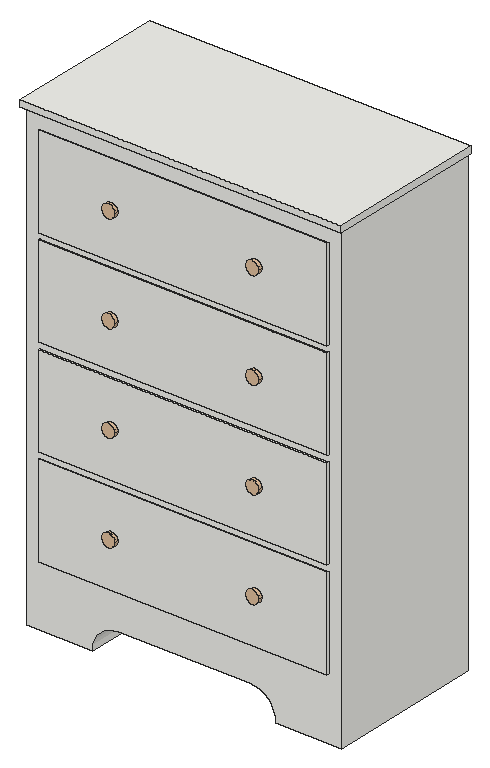
Revit family
Parameters (values of type "1220 x 1830 x 0610mm")
  Keynote = "N"
  Depth = 610.00 mm
  Material Dresser = Laminate - Ivory,Glossy
  Material Drawer = Laminate - Ivory,Matte
  Material Handles = Wood - Cherry
  Height = 1830.00 mm
  Width = 1220.00 mm
  Assembly Code = ""
Types (3, lengths in mm): name | Depth | Height | Width
  1220 x 1830 x 0610mm | 610.00 | 1830.00 | 1220.00
  1220 x 1525 x 0610mm | 610.00 | 1525.00 | 1220.00
  1830 x 1525 x 0457mm | 457.00 | 1525.00 | 1830.00
Reference planes
  plane 1 "Center (Front/Back)": y = -363.163
  plane 2: z = 0
  plane 3 "Center (Left/Right)": x = -269.193
  plane 4 "Back": y = -58.163
  plane 5 "Front": y = -668.163
  plane 6 "Right": x = 340.807
  plane 7 "Left": x = -879.193
  plane 8 "Top": z = 1830
  plane 9: x = -523.593
  plane 10: x = -14.793
  plane 11: z = 1753.8
  plane 12: z = 1372.5
  plane 13: z = 991.2
  plane 14: z = 609.9
  plane 15: z = 228.6
  plane 16: x = -828.393
  plane 17: x = 290.007
  plane 18: y = -674.513
  plane 19: z = 1804.6
  plane 20: x = -548.793
  plane 21: x = 10.407
  plane 22: z = 1563.15
  plane 23: z = 1181.85
  plane 24: z = 800.55
  plane 25: z = 419.25
Forms (mm)
  Extrusion 1, solid, material "Laminate - Ivory,Glossy" <- "Material Dresser"
    sketch origin (0, -668.163, 0) x (1, 0, 0) y (0, 0, 1)
      loop
        line (86.807, 0) -> (340.807, 0) -> (340.807, 1804.6) -> (-879.193, 1804.6) -> (-879.193, 0) -> (-625.193, 0)
        arc (-625.193, 0) -> (-595.435, 71.842) -> (-523.593, 101.6) r 101.6
        line (-523.593, 101.6) -> (-14.793, 101.6)
        arc (-14.793, 101.6) -> (57.049, 71.842) -> (86.807, 0) r 101.6
    from 0 to -610
  Extrusion 2, solid, material "Laminate - Ivory,Matte"
    sketch origin (0, -668.163, 0) x (1, 0, 0) y (0, 0, 1)
      loop
        line (290.007, 1741.1) -> (-828.393, 1741.1) -> (-828.393, 1385.2) -> (290.007, 1385.2) -> (290.007, 1741.1)
      loop
        line (290.007, 1359.8) -> (-828.393, 1359.8) -> (-828.393, 1003.9) -> (290.007, 1003.9) -> (290.007, 1359.8)
      loop
        line (290.007, 978.5) -> (-828.393, 978.5) -> (-828.393, 622.6) -> (290.007, 622.6) -> (290.007, 978.5)
      loop
        line (290.007, 597.2) -> (-828.393, 597.2) -> (-828.393, 241.3) -> (290.007, 241.3) -> (290.007, 597.2)
    from 0 to 6.35
  Extrusion 3, solid, material "Laminate - Ivory,Matte"
    sketch origin (0, 0, 0) x (1, 0, 0) y (0, 1, 0)
      loop
        line (-891.893, -58.163) -> (-891.893, -687.213) -> (353.507, -687.213) -> (353.507, -58.163) -> (-891.893, -58.163)
    from 1804.6 to 1830
  Extrusion 4, solid, material "Wood - Cherry" <- "Material Handles"
    sketch origin (0, -668.163, 0) x (1, 0, 0) y (0, 0, 1)
      loop
        circle (10.407, 1563.15) r 25.4
      loop
        circle (10.407, 1181.85) r 25.4
      loop
        circle (10.407, 800.55) r 25.4
      loop
        circle (10.407, 419.25) r 25.4
      loop
        circle (-548.793, 419.25) r 25.4
      loop
        circle (-548.793, 800.55) r 25.4
      loop
        circle (-548.793, 1181.85) r 25.4
      loop
        circle (-548.793, 1563.15) r 25.4
    from 6.35 to 19.05
Lines and regions (mm)
  Masking region 1
    outline origin (0, 0, 0) x (1, 0, 0) y (0, 1, 0)
      loop
        line (-891.893, -58.163) -> (-891.893, -687.213) -> (353.507, -687.213) -> (353.507, -58.163) -> (-891.893, -58.163)
Dimensions and locks
  equal spacing: plane 7 "Left", plane 3 "Center (Left/Right)", plane 6 "Right"
  equal spacing: plane 5 "Front", plane 1 "Center (Front/Back)", plane 4 "Back"
  "Width": plane 7 "Left" to plane 6 "Right"
  "Depth": plane 5 "Front" to plane 4 "Back"
  "Height": plane 8 "Top" to plane 2
  locked: plane 7 "Left" to plane 9 at 355.6
  locked: plane 6 "Right" to plane 10 at 355.6
  locked: plane 8 "Top" to plane 11 at 76.2
  locked: plane 15 to plane 2 at 228.6
  equal spacing: plane 11, plane 12, plane 13, plane 14, plane 15
  locked: plane 7 "Left" to plane 16 at 50.8
  locked: plane 17 to plane 6 "Right" at 50.8
  plane 18 to plane 5 "Front" = 6.35 mm
  locked: plane 19 to plane 8 "Top" at 25.4
  equal spacing: plane 16, plane 20, plane 3 "Center (Left/Right)"
  equal spacing: plane 17, plane 21, plane 3 "Center (Left/Right)"
  equal spacing: plane 14, plane 25, plane 15
  equal spacing: plane 13, plane 24, plane 14
  equal spacing: plane 12, plane 23, plane 13
  equal spacing: plane 11, plane 22, plane 12
  aligned and locked: Extrusion 1 to plane 4 "Back"
  aligned and locked: Extrusion 2 to plane 5 "Front"
  aligned and locked: Extrusion 2 to plane 18
  aligned and locked: plane 19 to Extrusion 1
  aligned and locked: Extrusion 3 to plane 8 "Top"
  aligned and locked: Extrusion 3 to Extrusion 1
  aligned: Masking region 1 sketch curve to Extrusion 3  (x3)
  aligned: Extrusion 3 to Masking region 1 sketch curve
Automatic sketch dimensions
  Extrusion 1 sketch curve to level = 0.00 mm  (x2)
  Extrusion 1 sketch curve to plane 7 "Left" = 0.00 mm
  Extrusion 1 sketch curve to plane 9 = 0.00 mm
  Extrusion 1 sketch curve to plane 10 = 0.00 mm
  Extrusion 1 sketch curve to plane 6 "Right" = 0.00 mm
  Extrusion 1 sketch curve to Extrusion 1 sketch curve = 101.60 mm
  plane 8 "Top" to Extrusion 1 sketch curve = 25.40 mm
  Extrusion 2 sketch curve to plane 16 = 0.00 mm  (x4)
  Extrusion 2 sketch curve to plane 17 = 0.00 mm  (x4)
  Extrusion 2 sketch curve to plane 15 = 12.70 mm
  plane 14 to Extrusion 2 sketch curve = 12.70 mm
  Extrusion 2 sketch curve to plane 14 = 12.70 mm
  plane 13 to Extrusion 2 sketch curve = 12.70 mm
  Extrusion 2 sketch curve to plane 13 = 12.70 mm
  plane 12 to Extrusion 2 sketch curve = 12.70 mm
  Extrusion 2 sketch curve to plane 12 = 12.70 mm
  plane 11 to Extrusion 2 sketch curve = 12.70 mm
  plane 7 "Left" to Extrusion 3 sketch curve = 12.70 mm
  Extrusion 3 sketch curve to plane 18 = 12.70 mm
  Extrusion 3 sketch curve to plane 6 "Right" = 12.70 mm
  Extrusion 4 sketch curve to plane 22 = 0.00 mm  (x2)
  Extrusion 4 sketch curve to plane 23 = 0.00 mm  (x2)
  Extrusion 4 sketch curve to plane 24 = 0.00 mm  (x2)
  Extrusion 4 sketch curve to plane 25 = 0.00 mm  (x2)
  Extrusion 4 sketch curve to plane 20 = 0.00 mm  (x4)
  Extrusion 4 sketch curve to plane 21 = 0.00 mm  (x4)
  Extrusion 4 sketch curve to Extrusion 4 sketch curve = 25.40 mm  (x8)
  Extrusion 3 sketch curve to plane 4 "Back" = 0.00 mm
  Masking region 1 sketch curve to plane 4 "Back" = 0.00 mm
  plane 7 "Left" to Masking region 1 sketch curve = 12.70 mm
  Masking region 1 sketch curve to plane 6 "Right" = 12.70 mm
  Masking region 1 sketch curve to plane 18 = 12.70 mm
